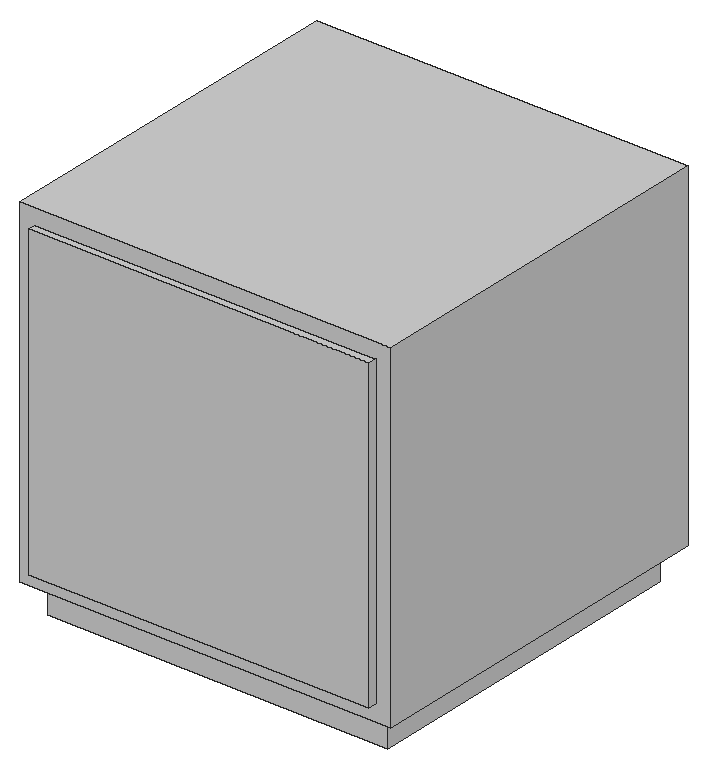
Revit family "DC", category Specialty Equipment, Revit 2012
Parameters (values of type "Display Cube (Default)")
  Width = 1' - 0"
  URL = "http://madixinc.com/display/freestanding.html"
  Model = "Display Cube"
  Manufacturer = "© 2012 Madix, Inc. All rights reserved."
  Height = 1' - 0"
  Depth = 1' - 0"
Reference planes (in)
  plane 1 "Center (Front/Back)": y = 0
  plane 2: z = 0
  plane 3 "Center (Left/Right)": x = 0
  plane 4: x = -6
  plane 5: y = 6
  plane 6: y = -6
  plane 7: x = 6
  plane 8: z = 12
  plane 9: z = 11.5
  plane 10: z = 1.5
  plane 11: z = 0.99915
  plane 12: x = 5.5
  plane 13: x = -5.5
  plane 14: y = -6.25
Forms (in)
  Extrusion 1, solid, material "Metal - Steel"
    sketch origin (0, 0, 0) x (1, 0, 0) y (0, 1, 0)
      loop
        line (6, -6) -> (6, 6) -> (-6, 6) -> (-6, -6) -> (6, -6)
    from 0.99915 to 12
  Extrusion 2, solid, material "Metal - Steel"
    sketch origin (0, 0, 0) x (1, 0, 0) y (0, 1, 0)
      loop
        line (-5.5, -6) -> (-5.5, -6.25) -> (5.5, -6.25) -> (5.5, -6) -> (-5.5, -6)
    from 1.5 to 11.5
  Extrusion 3, solid, material "Metal - Steel"
    sketch origin (0, 0, 0) x (1, 0, 0) y (0, 1, 0)
      loop
        line (-5.5, 5.5) -> (-5.5, -5.5) -> (5.5, -5.5) -> (5.5, 5.5) -> (-5.5, 5.5)
    from 0 to 0.99915
Dimensions and locks (in)
  "Height": plane 8 to level
  equal spacing: plane 4, plane 3 "Center (Left/Right)", plane 7
  "Width": plane 4 to plane 7
  equal spacing: plane 5, plane 1 "Center (Front/Back)", plane 6
  "Depth": plane 5 to plane 6
  locked: plane 4 to plane 13 at 0.5
  locked: plane 12 to plane 7 at 0.5
  locked: plane 14 to plane 6 at 0.25
  locked: plane 8 to plane 9 at 0.5
  aligned and locked: level to plane 2
  aligned and locked: plane 12 to Extrusion 2
  aligned and locked: plane 13 to Extrusion 2
  aligned and locked: Extrusion 2 to plane 14
  aligned and locked: plane 8 to Extrusion 1
  aligned and locked: plane 9 to Extrusion 2
Automatic sketch dimensions
  Extrusion 1 sketch curve to plane 4 = 0' - 0"
  Extrusion 1 sketch curve to plane 5 = 0' - 0"
  Extrusion 1 sketch curve to plane 7 = 0' - 0"
  plane 6 to Extrusion 1 sketch curve = 0' - 0"
  plane 6 to Extrusion 2 sketch curve = 0' - 0"
  plane 7 to Extrusion 2 sketch curve = 0' - 0 1/2"
  plane 4 to Extrusion 2 sketch curve = 0' - 0 1/2"
  Extrusion 3 sketch curve to plane 13 = 0' - 0"
  Extrusion 3 sketch curve to plane 12 = 0' - 0"
  Extrusion 3 sketch curve to plane 5 = 0' - 0 1/2"
  Extrusion 3 sketch curve to plane 6 = 0' - 0 1/2"
  Extrusion 2 sketch curve to Extrusion 2 sketch curve = 0' - 0 1/4"
